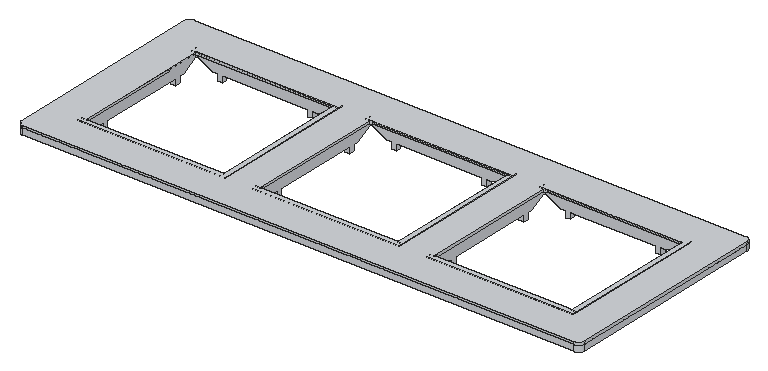
Revit family "Gira_0213235", category Electrical Fixtures, host Face, Revit 2017
Family settings
  Host = Face
  Maintain Annotation Orientation = No
  Round Connector Dimension = Use Diameter
  Part Type = Normal
  Cut with Voids When Loaded = No
  Shared = No
  Room Calculation Point = No
Parameters (values of type "Cov.fr. 3-g flat Gira E2 anthra.")
  With mounting grid = "No"
  With hinged lid = "No"
  URL = "http://katalog.gira.de/en/datenblatt.html?artikelnr=0213235"
  Type of fastening = "Clamp mounting"
  Transparent = "No"
  Surface protection = "Other"
  Suitable for wall duct = "No"
  Suitable for flush-mounted installation = "Yes"
  Suitable for floor box = "No"
  Suitable for built-in installation = "No"
  Number of units vertical = "3"
  Number of units horizontal = "3"
  Number of units = "3"
  Name = "Cov.fr. 3-g flat Gira E2 anthra."
  Mounting direction = "Horizontal and vertical"
  Material quality = "Thermoplastic"
  Material = "Plastic"
  Manufacturer URL = "https://www.gira.de/"
  Manufacturer = "Gira"
  Label space/information surface = "No"
  Keynote = ""
  HeinzeBIM = "https://bimportal.heinze.de/bim/cov-fr-3-g-flat-gira-e2-anthra-/8eec6934cc418939a97d7435bad65fbf73b6c897"
  Halogen free = "Yes"
  HAN = "0213235"
  GTIN = "4010337021292"
  Description = "Cov.fr.3g flat E2 AN,Gira E2 cover frame for flat installation,anthracite,3-gang,"
  Degree of protection (IP) = "IP20"
  Default Elevation = 1219.2 mm
  Data sheet (1) = "https://katalog.gira.de/en/download.html?artikelnr=0213235"
  Colour = "Anthracite"
  Category = "Cover frame for domestic switching devices"
  BIM (1) = "https://media.stage.bim.site/public/gira/36a6b08/E2flach_Rahmen_3fach.rfa"
  Available = "No"
Reference planes
  plane 1 "Center (Front/Back)": y = 0
  plane 2: z = 0
  plane 3 "Center (Left/Right)": x = 0
Forms (mm)
  Extrusion 1, solid, detail levels fine
    sketch origin (0, 0, 0) x (1, 0, 0) y (0, 1, 0)
      loop
        arc (-112.6, 43.9) -> (-114.368, 43.168) -> (-115.1, 41.4) r 2.5
        line (-115.1, 41.4) -> (-115.1, -41.4)
        arc (-115.1, -41.4) -> (-114.368, -43.168) -> (-112.6, -43.9) r 2.5
        line (-112.6, -43.9) -> (112.6, -43.9)
        arc (112.6, -43.9) -> (114.368, -43.168) -> (115.1, -41.4) r 2.5
        line (115.1, -41.4) -> (115.1, 41.4)
        arc (115.1, 41.4) -> (114.368, 43.168) -> (112.6, 43.9) r 2.5
        line (112.6, 43.9) -> (-112.6, 43.9)
      loop
        spline (-99.344, -27.245) -> (-99.336, -27.363) -> (-99.313, -27.478) -> (-99.275, -27.589) -> (-99.223, -27.695) -> (-99.158, -27.792) -> (-99.081, -27.881) -> (-98.992, -27.958) -> (-98.895, -28.023) -> (-98.789, -28.075) -> (-98.678, -28.113) -> (-98.563, -28.136) -> (-98.445, -28.144)
        line (-98.445, -28.144) -> (-43.955, -28.144)
        spline (-43.955, -28.144) -> (-43.837, -28.136) -> (-43.722, -28.113) -> (-43.611, -28.075) -> (-43.505, -28.023) -> (-43.408, -27.958) -> (-43.319, -27.881) -> (-43.242, -27.792) -> (-43.177, -27.695) -> (-43.125, -27.589) -> (-43.087, -27.478) -> (-43.064, -27.363) -> (-43.056, -27.245)
        line (-43.056, -27.245) -> (-43.056, 27.245)
        spline (-43.056, 27.245) -> (-43.064, 27.363) -> (-43.087, 27.478) -> (-43.125, 27.589) -> (-43.177, 27.695) -> (-43.242, 27.792) -> (-43.319, 27.881) -> (-43.408, 27.958) -> (-43.505, 28.023) -> (-43.611, 28.075) -> (-43.722, 28.113) -> (-43.837, 28.136) -> (-43.955, 28.144)
        line (-43.955, 28.144) -> (-98.445, 28.144)
        spline (-98.445, 28.144) -> (-98.563, 28.136) -> (-98.678, 28.113) -> (-98.789, 28.075) -> (-98.895, 28.023) -> (-98.992, 27.958) -> (-99.081, 27.881) -> (-99.158, 27.792) -> (-99.223, 27.695) -> (-99.275, 27.589) -> (-99.313, 27.478) -> (-99.336, 27.363) -> (-99.344, 27.245)
        line (-99.344, 27.245) -> (-99.344, -27.245)
      loop
        spline (98.445, -28.144) -> (98.563, -28.136) -> (98.678, -28.113) -> (98.789, -28.075) -> (98.895, -28.023) -> (98.992, -27.958) -> (99.081, -27.881) -> (99.158, -27.792) -> (99.223, -27.695) -> (99.275, -27.589) -> (99.313, -27.478) -> (99.336, -27.363) -> (99.344, -27.245)
        line (99.344, -27.245) -> (99.344, 27.245)
        spline (99.344, 27.245) -> (99.336, 27.363) -> (99.313, 27.478) -> (99.275, 27.589) -> (99.223, 27.695) -> (99.158, 27.792) -> (99.081, 27.881) -> (98.992, 27.958) -> (98.895, 28.023) -> (98.789, 28.075) -> (98.678, 28.113) -> (98.563, 28.136) -> (98.445, 28.144)
        line (98.445, 28.144) -> (43.955, 28.144)
        spline (43.955, 28.144) -> (43.837, 28.136) -> (43.722, 28.113) -> (43.611, 28.075) -> (43.505, 28.023) -> (43.408, 27.958) -> (43.319, 27.881) -> (43.242, 27.792) -> (43.177, 27.695) -> (43.125, 27.589) -> (43.087, 27.478) -> (43.064, 27.363) -> (43.056, 27.245)
        line (43.056, 27.245) -> (43.056, -27.245)
        spline (43.056, -27.245) -> (43.064, -27.363) -> (43.087, -27.478) -> (43.125, -27.589) -> (43.177, -27.695) -> (43.242, -27.792) -> (43.319, -27.881) -> (43.408, -27.958) -> (43.505, -28.023) -> (43.611, -28.075) -> (43.722, -28.113) -> (43.837, -28.136) -> (43.955, -28.144)
        line (43.955, -28.144) -> (98.445, -28.144)
      loop
        spline (-28.144, -27.245) -> (-28.136, -27.363) -> (-28.113, -27.478) -> (-28.075, -27.589) -> (-28.023, -27.695) -> (-27.958, -27.792) -> (-27.881, -27.881) -> (-27.792, -27.958) -> (-27.695, -28.023) -> (-27.589, -28.075) -> (-27.478, -28.113) -> (-27.363, -28.136) -> (-27.245, -28.144)
        line (-27.245, -28.144) -> (27.245, -28.144)
        spline (27.245, -28.144) -> (27.363, -28.136) -> (27.478, -28.113) -> (27.589, -28.075) -> (27.695, -28.023) -> (27.792, -27.958) -> (27.881, -27.881) -> (27.958, -27.792) -> (28.023, -27.695) -> (28.075, -27.589) -> (28.113, -27.478) -> (28.136, -27.363) -> (28.144, -27.245)
        line (28.144, -27.245) -> (28.144, 27.245)
        spline (28.144, 27.245) -> (28.136, 27.363) -> (28.113, 27.478) -> (28.075, 27.589) -> (28.023, 27.695) -> (27.958, 27.792) -> (27.881, 27.881) -> (27.792, 27.958) -> (27.695, 28.023) -> (27.589, 28.075) -> (27.478, 28.113) -> (27.363, 28.136) -> (27.245, 28.144)
        line (27.245, 28.144) -> (-27.245, 28.144)
        spline (-27.245, 28.144) -> (-27.363, 28.136) -> (-27.478, 28.113) -> (-27.589, 28.075) -> (-27.695, 28.023) -> (-27.792, 27.958) -> (-27.881, 27.881) -> (-27.958, 27.792) -> (-28.023, 27.695) -> (-28.075, 27.589) -> (-28.113, 27.478) -> (-28.136, 27.363) -> (-28.144, 27.245)
        line (-28.144, 27.245) -> (-28.144, -27.245)
    from 2.5 to 3.4
  Extrusion 2, solid, detail levels fine
    sketch origin (0, 0, 0) x (1, 0, 0) y (0, 1, 0)
      loop
        arc (-112.6, 43.9) -> (-114.368, 43.168) -> (-115.1, 41.4) r 2.5
        line (-115.1, 41.4) -> (-115.1, -41.4)
        arc (-115.1, -41.4) -> (-114.368, -43.168) -> (-112.6, -43.9) r 2.5
        line (-112.6, -43.9) -> (112.6, -43.9)
        arc (112.6, -43.9) -> (114.368, -43.168) -> (115.1, -41.4) r 2.5
        line (115.1, -41.4) -> (115.1, 41.4)
        arc (115.1, 41.4) -> (114.368, 43.168) -> (112.6, 43.9) r 2.5
        line (112.6, 43.9) -> (-112.6, 43.9)
      loop
        arc (-112.6, 43.4) -> (-114.014, 42.814) -> (-114.6, 41.4) r 2
        line (-114.6, 41.4) -> (-114.6, -41.4)
        arc (-114.6, -41.4) -> (-114.014, -42.814) -> (-112.6, -43.4) r 2
        line (-112.6, -43.4) -> (112.6, -43.4)
        arc (112.6, -43.4) -> (114.014, -42.814) -> (114.6, -41.4) r 2
        line (114.6, -41.4) -> (114.6, 41.4)
        arc (114.6, 41.4) -> (114.014, 42.814) -> (112.6, 43.4) r 2
        line (112.6, 43.4) -> (-112.6, 43.4)
    from 0 to 2.5
  Extrusion 3, solid, detail levels fine
    sketch origin (-71.2, 0, 0) x (1, 0, 0) y (0, 0, 1)
      loop
        line (-17.5, -4.06) -> (-17.5, -1.56) -> (17.5, -1.56) -> (17.5, -4.06) -> (19.5, -4.06) -> (19.5, -1.56) -> (21.654, -1.56) -> (27.214, 1.65) -> (30, 1.65) -> (30, 3.4) -> (-30, 3.4) -> (-30, 1.65) -> (-27.214, 1.65) -> (-21.654, -1.56) -> (-19.5, -1.56) -> (-19.5, -4.06) -> (-17.5, -4.06)
    from 28.144 to 30
  Extrusion 4, solid, detail levels fine
    sketch origin (-71.2, 0, 0) x (0, -1, 0) y (0, 0, -1)
      loop
        line (-17.5, 4.06) -> (-19.5, 4.06) -> (-19.5, 1.56) -> (-21.654, 1.56) -> (-27.214, -1.65) -> (-28.144, -1.65) -> (-28.144, -3.4) -> (28.144, -3.4) -> (28.144, -1.65) -> (27.214, -1.65) -> (21.654, 1.56) -> (19.5, 1.56) -> (19.5, 4.06) -> (17.5, 4.06) -> (17.5, 1.56) -> (-17.5, 1.56) -> (-17.5, 4.06)
    from 28.144 to 30
  Extrusion 5, solid, detail levels medium
    sketch origin (-71.2, 0, 0) x (0, -1, 0) y (0, 0, 1)
      loop
        line (-17.5, -4.06) -> (-17.5, -1.56) -> (17.5, -1.56) -> (17.5, -4.06) -> (19.5, -4.06) -> (19.5, -1.56) -> (28.144, -1.56) -> (28.144, 3.4) -> (-28.144, 3.4) -> (-28.144, -1.56) -> (-19.5, -1.56) -> (-19.5, -4.06) -> (-17.5, -4.06)
    from 28.144 to 30
  Extrusion 6, solid, detail levels fine
    sketch origin (-71.2, 0, 0) x (1, 0, 0) y (0, 0, -1)
      loop
        line (-17.5, 4.06) -> (-19.5, 4.06) -> (-19.5, 1.56) -> (-21.654, 1.56) -> (-27.214, -1.65) -> (-30, -1.65) -> (-30, -3.4) -> (30, -3.4) -> (30, -1.65) -> (27.214, -1.65) -> (21.654, 1.56) -> (19.5, 1.56) -> (19.5, 4.06) -> (17.5, 4.06) -> (17.5, 1.56) -> (-17.5, 1.56) -> (-17.5, 4.06)
    from 28.144 to 30
  Extrusion 7, solid, detail levels coarse
    sketch origin (0, 0, 0) x (1, 0, 0) y (0, 1, 0)
      loop
        line (-115.1, 43.9) -> (-115.1, -43.9) -> (115.1, -43.9) -> (115.1, 43.9) -> (-115.1, 43.9)
    from -4.06 to 3.4
  Extrusion 8, solid, detail levels medium
    sketch origin (0, 0, 0) x (1, 0, 0) y (0, 1, 0)
      loop
        line (-115.1, 43.9) -> (-115.1, -43.9) -> (115.1, -43.9) -> (115.1, 43.9) -> (-115.1, 43.9)
    from 0 to 3.4
  Extrusion 9, solid, detail levels medium
    sketch origin (-71.2, 0, 0) x (1, 0, 0) y (0, 0, 1)
      loop
        line (-17.5, -4.06) -> (-17.5, -1.56) -> (17.5, -1.56) -> (17.5, -4.06) -> (19.5, -4.06) -> (19.5, -1.56) -> (30, -1.56) -> (30, 3.4) -> (-30, 3.4) -> (-30, -1.56) -> (-19.5, -1.56) -> (-19.5, -4.06) -> (-17.5, -4.06)
    from 28.144 to 30
  Extrusion 10, solid, detail levels medium
    sketch origin (-71.2, 0, 0) x (1, 0, 0) y (0, 0, -1)
      loop
        line (-17.5, 4.06) -> (-19.5, 4.06) -> (-19.5, 1.56) -> (-30, 1.56) -> (-30, -3.4) -> (30, -3.4) -> (30, 1.56) -> (19.5, 1.56) -> (19.5, 4.06) -> (17.5, 4.06) -> (17.5, 1.56) -> (-17.5, 1.56) -> (-17.5, 4.06)
    from 28.144 to 30
  Extrusion 11, solid, detail levels medium
    sketch origin (-71.2, 0, 0) x (0, -1, 0) y (0, 0, -1)
      loop
        line (-17.5, 4.06) -> (-19.5, 4.06) -> (-19.5, 1.56) -> (-28.144, 1.56) -> (-28.144, -3.4) -> (28.144, -3.4) -> (28.144, 1.56) -> (19.5, 1.56) -> (19.5, 4.06) -> (17.5, 4.06) -> (17.5, 1.56) -> (-17.5, 1.56) -> (-17.5, 4.06)
    from 28.144 to 30
  Extrusion 12, solid, detail levels fine
    sketch origin (71.2, 0, 0) x (-1, 0, 0) y (0, 0, -1)
      loop
        line (-17.5, 4.06) -> (-19.5, 4.06) -> (-19.5, 1.56) -> (-21.654, 1.56) -> (-27.214, -1.65) -> (-30, -1.65) -> (-30, -3.4) -> (30, -3.4) -> (30, -1.65) -> (27.214, -1.65) -> (21.654, 1.56) -> (19.5, 1.56) -> (19.5, 4.06) -> (17.5, 4.06) -> (17.5, 1.56) -> (-17.5, 1.56) -> (-17.5, 4.06)
    from 28.144 to 30
  Extrusion 13, solid, detail levels fine
    sketch origin (71.2, 0, 0) x (0, -1, 0) y (0, 0, 1)
      loop
        line (-17.5, -4.06) -> (-17.5, -1.56) -> (17.5, -1.56) -> (17.5, -4.06) -> (19.5, -4.06) -> (19.5, -1.56) -> (21.654, -1.56) -> (27.214, 1.65) -> (28.144, 1.65) -> (28.144, 3.4) -> (-28.144, 3.4) -> (-28.144, 1.65) -> (-27.214, 1.65) -> (-21.654, -1.56) -> (-19.5, -1.56) -> (-19.5, -4.06) -> (-17.5, -4.06)
    from 28.144 to 30
  Extrusion 14, solid, detail levels medium
    sketch origin (71.2, 0, 0) x (0, -1, 0) y (0, 0, -1)
      loop
        line (-17.5, 4.06) -> (-19.5, 4.06) -> (-19.5, 1.56) -> (-28.144, 1.56) -> (-28.144, -3.4) -> (28.144, -3.4) -> (28.144, 1.56) -> (19.5, 1.56) -> (19.5, 4.06) -> (17.5, 4.06) -> (17.5, 1.56) -> (-17.5, 1.56) -> (-17.5, 4.06)
    from 28.144 to 30
  Extrusion 15, solid, detail levels fine
    sketch origin (71.2, 0, 0) x (-1, 0, 0) y (0, 0, 1)
      loop
        line (-17.5, -4.06) -> (-17.5, -1.56) -> (17.5, -1.56) -> (17.5, -4.06) -> (19.5, -4.06) -> (19.5, -1.56) -> (21.654, -1.56) -> (27.214, 1.65) -> (30, 1.65) -> (30, 3.4) -> (-30, 3.4) -> (-30, 1.65) -> (-27.214, 1.65) -> (-21.654, -1.56) -> (-19.5, -1.56) -> (-19.5, -4.06) -> (-17.5, -4.06)
    from 28.144 to 30
  Extrusion 16, solid, detail levels medium
    sketch origin (71.2, 0, 0) x (-1, 0, 0) y (0, 0, -1)
      loop
        line (-17.5, 4.06) -> (-19.5, 4.06) -> (-19.5, 1.56) -> (-30, 1.56) -> (-30, -3.4) -> (30, -3.4) -> (30, 1.56) -> (19.5, 1.56) -> (19.5, 4.06) -> (17.5, 4.06) -> (17.5, 1.56) -> (-17.5, 1.56) -> (-17.5, 4.06)
    from 28.144 to 30
  Extrusion 17, solid, detail levels medium
    sketch origin (71.2, 0, 0) x (-1, 0, 0) y (0, 0, 1)
      loop
        line (-17.5, -4.06) -> (-17.5, -1.56) -> (17.5, -1.56) -> (17.5, -4.06) -> (19.5, -4.06) -> (19.5, -1.56) -> (30, -1.56) -> (30, 3.4) -> (-30, 3.4) -> (-30, -1.56) -> (-19.5, -1.56) -> (-19.5, -4.06) -> (-17.5, -4.06)
    from 28.144 to 30
  Extrusion 18, solid, detail levels medium
    sketch origin (71.2, 0, 0) x (0, -1, 0) y (0, 0, 1)
      loop
        line (-17.5, -4.06) -> (-17.5, -1.56) -> (17.5, -1.56) -> (17.5, -4.06) -> (19.5, -4.06) -> (19.5, -1.56) -> (28.144, -1.56) -> (28.144, 3.4) -> (-28.144, 3.4) -> (-28.144, -1.56) -> (-19.5, -1.56) -> (-19.5, -4.06) -> (-17.5, -4.06)
    from 28.144 to 30
  Extrusion 19, solid, detail levels fine
    sketch origin (-129.344, 0, 0) x (0, -1, 0) y (0, 0, -1)
      loop
        line (-17.5, 4.06) -> (-19.5, 4.06) -> (-19.5, 1.56) -> (-21.654, 1.56) -> (-27.214, -1.65) -> (-28.144, -1.65) -> (-28.144, -3.4) -> (28.144, -3.4) -> (28.144, -1.65) -> (27.214, -1.65) -> (21.654, 1.56) -> (19.5, 1.56) -> (19.5, 4.06) -> (17.5, 4.06) -> (17.5, 1.56) -> (-17.5, 1.56) -> (-17.5, 4.06)
    from 28.144 to 30
  Extrusion 20, solid, detail levels fine
    sketch origin (129.344, 0, 0) x (0, -1, 0) y (0, 0, 1)
      loop
        line (-17.5, -4.06) -> (-17.5, -1.56) -> (17.5, -1.56) -> (17.5, -4.06) -> (19.5, -4.06) -> (19.5, -1.56) -> (21.654, -1.56) -> (27.214, 1.65) -> (28.144, 1.65) -> (28.144, 3.4) -> (-28.144, 3.4) -> (-28.144, 1.65) -> (-27.214, 1.65) -> (-21.654, -1.56) -> (-19.5, -1.56) -> (-19.5, -4.06) -> (-17.5, -4.06)
    from 28.144 to 30
  Extrusion 21, solid, detail levels fine
    sketch origin (0, 0, 0) x (-1, 0, 0) y (0, 0, -1)
      loop
        line (-17.5, 4.06) -> (-19.5, 4.06) -> (-19.5, 1.56) -> (-21.654, 1.56) -> (-27.214, -1.65) -> (-30, -1.65) -> (-30, -3.4) -> (30, -3.4) -> (30, -1.65) -> (27.214, -1.65) -> (21.654, 1.56) -> (19.5, 1.56) -> (19.5, 4.06) -> (17.5, 4.06) -> (17.5, 1.56) -> (-17.5, 1.56) -> (-17.5, 4.06)
    from 28.144 to 30
  Extrusion 22, solid, detail levels fine
    sketch origin (0, 0, 0) x (0, -1, 0) y (0, 0, 1)
      loop
        line (-17.5, -4.06) -> (-17.5, -1.56) -> (17.5, -1.56) -> (17.5, -4.06) -> (19.5, -4.06) -> (19.5, -1.56) -> (21.654, -1.56) -> (27.214, 1.65) -> (28.144, 1.65) -> (28.144, 3.4) -> (-28.144, 3.4) -> (-28.144, 1.65) -> (-27.214, 1.65) -> (-21.654, -1.56) -> (-19.5, -1.56) -> (-19.5, -4.06) -> (-17.5, -4.06)
    from 28.144 to 30
  Extrusion 23, solid, detail levels medium
    sketch origin (0, 0, 0) x (0, -1, 0) y (0, 0, -1)
      loop
        line (-17.5, 4.06) -> (-19.5, 4.06) -> (-19.5, 1.56) -> (-28.144, 1.56) -> (-28.144, -3.4) -> (28.144, -3.4) -> (28.144, 1.56) -> (19.5, 1.56) -> (19.5, 4.06) -> (17.5, 4.06) -> (17.5, 1.56) -> (-17.5, 1.56) -> (-17.5, 4.06)
    from 28.144 to 30
  Extrusion 24, solid, detail levels fine
    sketch origin (0, 0, 0) x (-1, 0, 0) y (0, 0, 1)
      loop
        line (-17.5, -4.06) -> (-17.5, -1.56) -> (17.5, -1.56) -> (17.5, -4.06) -> (19.5, -4.06) -> (19.5, -1.56) -> (21.654, -1.56) -> (27.214, 1.65) -> (30, 1.65) -> (30, 3.4) -> (-30, 3.4) -> (-30, 1.65) -> (-27.214, 1.65) -> (-21.654, -1.56) -> (-19.5, -1.56) -> (-19.5, -4.06) -> (-17.5, -4.06)
    from 28.144 to 30
  Extrusion 25, solid, detail levels medium
    sketch origin (0, 0, 0) x (-1, 0, 0) y (0, 0, -1)
      loop
        line (-17.5, 4.06) -> (-19.5, 4.06) -> (-19.5, 1.56) -> (-30, 1.56) -> (-30, -3.4) -> (30, -3.4) -> (30, 1.56) -> (19.5, 1.56) -> (19.5, 4.06) -> (17.5, 4.06) -> (17.5, 1.56) -> (-17.5, 1.56) -> (-17.5, 4.06)
    from 28.144 to 30
  Extrusion 26, solid, detail levels medium
    sketch origin (0, 0, 0) x (-1, 0, 0) y (0, 0, 1)
      loop
        line (-17.5, -4.06) -> (-17.5, -1.56) -> (17.5, -1.56) -> (17.5, -4.06) -> (19.5, -4.06) -> (19.5, -1.56) -> (30, -1.56) -> (30, 3.4) -> (-30, 3.4) -> (-30, -1.56) -> (-19.5, -1.56) -> (-19.5, -4.06) -> (-17.5, -4.06)
    from 28.144 to 30
  Extrusion 27, solid, detail levels medium
    sketch origin (0, 0, 0) x (0, -1, 0) y (0, 0, 1)
      loop
        line (-17.5, -4.06) -> (-17.5, -1.56) -> (17.5, -1.56) -> (17.5, -4.06) -> (19.5, -4.06) -> (19.5, -1.56) -> (28.144, -1.56) -> (28.144, 3.4) -> (-28.144, 3.4) -> (-28.144, -1.56) -> (-19.5, -1.56) -> (-19.5, -4.06) -> (-17.5, -4.06)
    from 28.144 to 30
  Extrusion 28, solid, detail levels fine
    sketch origin (58.144, 0, 0) x (0, -1, 0) y (0, 0, 1)
      loop
        line (-17.5, -4.06) -> (-17.5, -1.56) -> (17.5, -1.56) -> (17.5, -4.06) -> (19.5, -4.06) -> (19.5, -1.56) -> (21.654, -1.56) -> (27.214, 1.65) -> (28.144, 1.65) -> (28.144, 3.4) -> (-28.144, 3.4) -> (-28.144, 1.65) -> (-27.214, 1.65) -> (-21.654, -1.56) -> (-19.5, -1.56) -> (-19.5, -4.06) -> (-17.5, -4.06)
    from 28.144 to 30
Dimensions and locks
  aligned and locked: plane 2 to host face
  aligned and locked: level to host face
